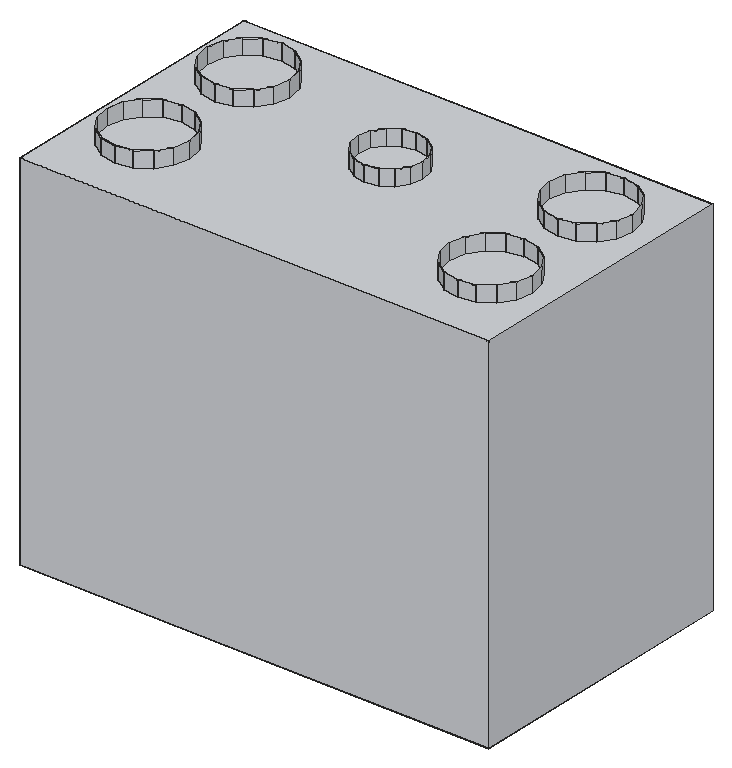
Revit family "Flexit UNI 4 R E EC L 230", category Mechanical Equipment, Revit 2015
Parameters (values of type "Flexit UNI 4 R E EC L 230")
  magiXML = "<Flexit>\r\n  <RevitBlockID>Block1</RevitBlockID>\r\n  <Block id=\"Block1\" view=\"256\" unit_height=\"700\" subtype=\"1001\">\r\n    <prop id=\"QPDClass\">AFA</prop>\r\n    <prop id=\"ProductKey\">Flexit-UNI-4-R-E-EC-L-230</prop>\r\n    <prop id=\"ProductCode\">Flexit UNI 4 R E EC L 230</prop>\r\n    <prop id=\"UnitName\"></prop>\r\n    <prop id=\"Description\" info=\"Unit description\">Flexit UNI 4 R E EC L 230</prop>\r\n    <prop id=\"ProjectFile\" info=\"Flexit project file name\">K2VE.FLX</prop>\r\n    <prop id=\"Weight\" info=\"Weight\" units=\"kg\">86.0</prop>\r\n    <prop id=\"Dimensions\" info=\"Dimensions\" units=\"mm\">900 537 700</prop>\r\n    <prop id=\"SupplyAirFlow\" info=\"Supply air flow\" units=\"m3/h\">100.000</prop>\r\n    <prop id=\"ExtractAirFlow\" info=\"Extract air flow\" units=\"m3/h\">100.000</prop>\r\n    <prop id=\"SupplyPressureDrop\" info=\"Pressure drop: Supply and Outdoor air ductwork\" units=\"Pa\">100</prop>\r\n    <prop id=\"ExtractPressureDrop\" info=\"Pressure drop: Extract and Exhaust air ductwork\" units=\"Pa\">100</prop>\r\n    <prop id=\"SupplySize\" info=\"Unit size Supply\">4</prop>\r\n    <prop id=\"ExtractSize\" info=\"Unit size Extract\">4</prop>\r\n    <prop id=\"SoundTitle\" info=\"Sound data, ambient\"></prop>\r\n    <prop id=\"SoundTitleOctave\" info=\"Frequency band\">63 125 250 500 1k 2k 4k 8k</prop>\r\n    <prop id=\"SoundAmbient\" info=\"Sound data, ambient\" units=\"dB\">15 26 38 27 22 19 11 2</prop>\r\n    <prop id=\"SoundAmbientTotal\" info=\"Sound ambient, total\" units=\"dB(A)\">31</prop>\r\n    <Connection id=\"Connection1\" type=\"duct\" system=\"outdoor\" info=\"Duct connection outdoor\">\r\n      <prop id=\"Dimension\" info=\"Dimensions\" units=\"mm\">160 0 30</prop>\r\n      <prop id=\"Position\">-329 127.500000 365</prop>\r\n      <prop id=\"Direction\">0 0 1</prop>\r\n      <prop id=\"Normal\">-1 0 0</prop>\r\n      <prop id=\"SoundTitle\" info=\"Sound data\"></prop>\r\n      <prop id=\"SoundTitleOctave\" info=\"Frequency band\">63 125 250 500 1k 2k 4k 8k</prop>\r\n      <prop id=\"SoundGeneration\" info=\"Sound generation\" units=\"dB\">59 57 56 55 43 30 19 4</prop>\r\n      <prop id=\"SoundGenerationTotal\" info=\"Sound generation, total\" units=\"dB(A)\">54</prop>\r\n    </Connection>\r\n    <Connection id=\"Connection2\" type=\"duct\" system=\"supply\" info=\"Duct connection supply\">\r\n      <prop id=\"Dimension\" info=\"Dimensions\" units=\"mm\">160 0 30</prop>\r\n      <prop id=\"Position\">329 127.500000 365</prop>\r\n      <prop id=\"Direction\">0 0 1</prop>\r\n      <prop id=\"Normal\">-1 0 0</prop>\r\n      <prop id=\"SoundTitle\" info=\"Sound data\"></prop>\r\n      <prop id=\"SoundTitleOctave\" info=\"Frequency band\">63 125 250 500 1k 2k 4k 8k</prop>\r\n      <prop id=\"SoundGeneration\" info=\"Sound generation\" units=\"dB\">68 67 68 63 57 53 42 28</prop>\r\n      <prop id=\"SoundGenerationTotal\" info=\"Sound generation, total\" units=\"dB(A)\">64</prop>\r\n    </Connection>\r\n    <Connection id=\"Connection3\" type=\"duct\" system=\"extract\" info=\"Duct connection extract\">\r\n      <prop id=\"Dimension\" info=\"Dimensions\" units=\"mm\">160 0 30</prop>\r\n      <prop id=\"Position\">329 -113 365</prop>\r\n      <prop id=\"Direction\">0 0 1</prop>\r\n      <prop id=\"Normal\">-1 0 0</prop>\r\n      <prop id=\"SoundTitle\" info=\"Sound data\"></prop>\r\n      <prop id=\"SoundTitleOctave\" info=\"Frequency band\">63 125 250 500 1k 2k 4k 8k</prop>\r\n      <prop id=\"SoundGeneration\" info=\"Sound generation\" units=\"dB\">59 57 56 55 43 30 19 4</prop>\r\n      <prop id=\"SoundGenerationTotal\" info=\"Sound generation, total\" units=\"dB(A)\">54</prop>\r\n    </Connection>\r\n    <Connection id=\"Connection4\" type=\"duct\" system=\"exhaust\" info=\"Duct connection exhaust\">\r\n      <prop id=\"Dimension\" info=\"Dimensions\" units=\"mm\">160 0 30</prop>\r\n      <prop id=\"Position\">-329 -113 365</prop>\r\n      <prop id=\"Direction\">0 0 1</prop>\r\n      <prop id=\"Normal\">-1 0 0</prop>\r\n      <prop id=\"SoundTitle\" info=\"Sound data\"></prop>\r\n      <prop id=\"SoundTitleOctave\" info=\"Frequency band\">63 125 250 500 1k 2k 4k 8k</prop>\r\n      <prop id=\"SoundGeneration\" info=\"Sound generation\" units=\"dB\">68 67 68 63 57 53 42 28</prop>\r\n      <prop id=\"SoundGenerationTotal\" info=\"Sound generation, total\" units=\"dB(A)\">64</prop>\r\n    </Connection>\r\n    <Connection id=\"Connection5\" type=\"duct\" system=\"outdoor\" info=\"Duct connection outdoor\">\r\n      <prop id=\"Dimension\" info=\"Dimensions\" units=\"mm\">160 0 30</prop>\r\n      <prop id=\"Position\">-332 107.500000 -365</prop>\r\n      <prop id=\"Direction\">0 0 -1</prop>\r\n      <prop id=\"Normal\">1 0 0</prop>\r\n      <prop id=\"SoundTitle\" info=\"Sound data\"></prop>\r\n      <prop id=\"SoundTitleOctave\" info=\"Frequency band\">63 125 250 500 1k 2k 4k 8k</prop>\r\n      <prop id=\"SoundGeneration\" info=\"Sound generation\" units=\"dB\">59 57 56 55 43 30 19 4</prop>\r\n      <prop id=\"SoundGenerationTotal\" info=\"Sound generation, total\" units=\"dB(A)\">54</prop>\r\n    </Connection>\r\n    <Connection id=\"Connection6\" type=\"duct\" system=\"extract\" info=\"Duct connection extract\">\r\n      <prop id=\"Dimension\" info=\"Dimensions\" units=\"mm\">160 0 30</prop>\r\n      <prop id=\"Position\">332 -118 -365</prop>\r\n      <prop id=\"Direction\">0 0 -1</prop>\r\n      <prop id=\"Normal\">1 0 0</prop>\r\n      <prop id=\"SoundTitle\" info=\"Sound data\"></prop>\r\n      <prop id=\"SoundTitleOctave\" info=\"Frequency band\">63 125 250 500 1k 2k 4k 8k</prop>\r\n      <prop id=\"SoundGeneration\" info=\"Sound generation\" units=\"dB\">59 57 56 55 43 30 19 4</prop>\r\n      <prop id=\"SoundGenerationTotal\" info=\"Sound generation, total\" units=\"dB(A)\">54</prop>\r\n    </Connection>\r\n    <Connection id=\"Connection7\" type=\"duct\" system=\"extract\" info=\"Duct connection extract\" kitchen_hood_connection=\"1\">\r\n      <prop id=\"Dimension\" info=\"Dimensions\" units=\"mm\">125 0 30</prop>\r\n      <prop id=\"Position\">0 57.500000 365</prop>\r\n      <prop id=\"Direction\">0 0 1</prop>\r\n      <prop id=\"Normal\">-1 0 0</prop>\r\n      <prop id=\"SoundTitle\" info=\"Sound data\"></prop>\r\n      <prop id=\"SoundTitleOctave\" info=\"Frequency band\">63 125 250 500 1k 2k 4k 8k</prop>\r\n      <prop id=\"SoundGeneration\" info=\"Sound generation\" units=\"dB\">59 57 56 55 43 30 19 4</prop>\r\n      <prop id=\"SoundGenerationTotal\" info=\"Sound generation, total\" units=\"dB(A)\">54</prop>\r\n    </Connection>\r\n    <gm_model nNodes=\"778\">0QcEAAAAAAAAIHxAAAAAAADIcEAAAAAAAOB1QNIHYwAAAAAAACB8wAAAAAAAyHBAAAAAAADgdUDSBwQAAAAAAAAgfMAAAAAAAMhwwAAAAAAA4HVA0wdjAAAAAAAAIHxAAAAAAADIcMAAAAAAAOB1QNEHYwAAAAAAACB8QAAAAAAAyHBAAAAAAADgdcDSBwQAAAAAAAAgfEAAAAAAAMhwwAAAAAAA4HXA0gdjAAAAAAAAIHzAAAAAAADIcMAAAAAAAOB1wNMHBAAAAAAAACB8wAAAAAAAyHBAAAAAAADgdcDRB2MAAAAAAAAgfEAAAAAAAMhwwAAAAAAA4HVA0gcEAAAAAAAAIHzAAAAAAADIcMAAAAAAAOB1QNIHYwAAAAAAACB8wAAAAAAAyHDAAAAAAADgdcDTBwQAAAAAAAAgfEAAAAAAAMhwwAAAAAAA4HXA0QcEAAAAAAAAIHxAAAAAAADIcEAAAAAAAOB1QNIHYwAAAAAAACB8QAAAAAAAyHBAAAAAAADgdcDSBwQAAAAAAAAgfMAAAAAAAMhwQAAAAAAA4HXA0wdjAAAAAAAAIHzAAAAAAADIcEAAAAAAAOB1QNEHBAAAAAAAACB8QAAAAAAAyHBAAAAAAADgdUDSB2MAAAAAAAAgfEAAAAAAAMhwwAAAAAAA4HVA0gcEAAAAAAAAIHxAAAAAAADIcMAAAAAAAOB1wNMHYwAAAAAAACB8QAAAAAAAyHBAAAAAAADgdcDRB2MAAAAAAAAgfMAAAAAAAMhwQAAAAAAA4HVA0gcEAAAAAAAAIHzAAAAAAADIcEAAAAAAAOB1wNIHYwAAAAAAACB8wAAAAAAAyHDAAAAAAADgdcDTBwQAAAAAAAAgfMAAAAAAAMhwwAAAAAAA4HVA6QMEAFyPwvUoIHxAAAAAAADQbcAAAAAAAOB1wOsDAABcj8L1KCB8QAAAAAAA0G3AAAAAAADgdUDpAwQAXI/C9SggfMAAAAAAANBtwAAAAAAA4HXA6wMAAFyPwvUoIHzAAAAAAADQbcAAAAAAAOB1QOkDBAAAAAAAACB8wFyPwvUoyHBAAAAAAADgdcDqAwQAAAAAAAAgfMBcj8L1KMhwQAAAAAAA4HVA6gMEAAAAAAAAIHxAXI/C9SjIcEAAAAAAAOB1QOoDBAAAAAAAACB8QFyPwvUoyHBAAAAAAADgdcDrAwAAAAAAAAAgfMBcj8L1KMhwQAAAAAAA4HXA6QMEAAAAAAAAgFbAXI/C9SjIcEAAAAAAAOB1wOoDBAAAAAAAAIBWwFyPwvUoyHBAAAAAAACAUUDqAwQAAAAAAACAVkBcj8L1KMhwQAA
    AAAAAgFFA6gMEAAAAAAAAgFZAXI/C9SjIcEAAAAAAAOB1wOsDAAAAAAAAAIBWwFyPwvUoyHBAAAAAAADgdcD9AwQAAAAAAAAAAABcj8L1KMhwQAAAAAAAgGHA/gMAAAAAAAAAAAAAAAAAAAAA8L8AAAAAAAAAAP8DAAAAAAAAAABSQAAAAAAAAAAAAAAAAAAAAADpAwQARksyM7J0SUBcj8L1KMhwQF3aZuamRVbA6wMAAEZLMjOydEnAXI/C9SjIcEDSksyMLN1nwOkDBAA0whrNyNIdQFyPwvUoyHBAaUlmRpauZMDrAwAAAPOOGVm6RUBcj8L1KMhwQGlJZkaWrmTA6QMEAADzjhlZukXAXI/C9SjIcEBSGQUAAIBewOsDAAA0whrNyNIdwFyPwvUoyHBAUhkFAACAXsDpAwQARksyM7J0OcBcj8L1KMhwQAAAAAAAgGHA6wMAAEZLMjOydDnAXI/C9SjIcECkMgoAAABawOkDBAAAAAAAAIBWwFyPwvUoyHBAAAAAAACASEDrAwAAAAAAAACAVkBcj8L1KMhwQAAAAAAAgEhA6QMEAAAAAAAAgFbAXI/C9SjIcEAAAAAAAAA8QOsDAAAAAAAAAIBWQFyPwvUoyHBAAAAAAAAAPEDpAwQAAAAAAACAVsBcj8L1KMhwQAAAAAAAABxA6wMAAAAAAAAAgFZAXI/C9SjIcEAAAAAAAAAcQOkDBAAAAAAAAIBWwFyPwvUoyHBAAAAAAAAALMDrAwAAAAAAAACAVkBcj8L1KMhwQAAAAAAAACzA6QMEAAAAAAAAgFbAXI/C9SjIcEAAAAAAAIBBwOsDAAAAAAAAAIBWQFyPwvUoyHBAAAAAAACAQcDpAwQAAAAAAACAVsBcj8L1KMhwQAAAAAAAAEzA6wMAAAAAAAAAgFZAXI/C9SjIcEAAAAAAAABMwOkDBAAAAAAAAIBWwFyPwvUoyHBAAAAAAABAU8DrAwAAWpy8Q61tQcBcj8L1KMhwQAAAAAAAQFPA6QMEAFqcvEOtbUFAXI/C9SjIcEAAAAAAAEBTwOsDAAAAAAAAAIBWQFyPwvUoyHBAAAAAAABAU8DpAwQAAAAAAACAVsBcj8L1KMhwQAAAAAAAgFjA6wMAAHJgF76JPU3AXI/C9SjIcEAAAAAAAIBYwOkDBAByYBe+iT1NQFyPwvUoyHBAAAAAAACAWMDrAwAAAAAAAACAVkBcj8L1KMhwQAAAAAAAgFjA6QMEAAAAAAAAgFbAXI/C9SjIcEAAAAAAAMBdwOsDAAC9RszupDdRwFyPwvUoyHBAAAAAAADAXcDpAwQAvUbM7qQ3UUBcj8L1KMhwQAAAAAAAwF3A6wMAAAAAAAAAgFZAXI/C9SjIcEAAAAAAAMBdwOkDBAAAAAAAAIBWwFyPwvUoyHBAAAAAAACAYcDrAwAAAAAAAAAAUsBcj8L1KMhwQAAAAAAAgGHA6QMEAAAAAAAAAFJAXI/C9SjIcEAAAAAAAIBhwOsDAAAAAAAAAIBWQFyPwvUoyHBAAAAAAACAYcDpAwQAAAAAAACAVsBcj8L1KMhwQAAAAAAAIGTA6wMAAL1GzO6kN1HAXI/C9SjIcEAAAAAAACBkwOkDBAC9RszupDdRQFyPwvUoyHBAAAAAAAAgZMDrAwAAAAAAAACAVkBcj8L1KMhwQAAAAAAAIGTA6QMEAAAAAAAAgFbAXI/C9SjIcEAAAAAAAMBmwOsDAAByYBe+iT1NwFyPwvUoyHBAAAAAAADAZsDpAwQAcmAXvok9TUBcj8L1KMhwQAAAAAAAwGbA6wMAAAAAAAAAgFZAXI/C9SjIcEAAAAAAAMBmwOkDBAAAAAAAAIBWwFyPwvUoyHBAAAAAAABgacDrAwAAWpy8Q61tQcBcj8L1KMhwQAAAAAAAYGnA6QMEAFqcvEOtbUFAXI/C9SjIcEAAAAAAAGBpwOsDAAAAAAAAAIBWQFyPwvUoyHBAAAAAAABgacDpAwQAAAAAAACAVsBcj8L1KMhwQAAAAAAAAGzA6wMAAAAAAAAAgFZAXI/C9SjIcEAAAAAAAABswOkDBAAAAAAAAIBWwFyPwvUoyHBAAAAAAACgbsDrAwAAAAAAAACAVkBcj8L1KMhwQAAAAAAAoG7A6QMEAAAAAAAAgFbAXI/C9SjIcEAAAAAAAKBwwOsDAAAAAAAAAIBWQFyPwvUoyHBAAAAAAACgcMDpAwQAAAAAAACAVsBcj8L1KMhwQAAAAAAA8HHA6wMAAAAAAAAAgFZAXI/C9SjIcEAAAAAAAPBxwOkDBAAAAAAAAIBWwFyPwvUoyHBAAAAAAABAc8DrAwAAAAAAAACAVkBcj8L1KMhwQAAAAAAAQHPA6QMEAAAAAAAAgFbAXI/C9SjIcEAAAAAAAJB0wOsDAAAAAAAAAIBWQFyPwvUoyHBAAAAAAACQdMDpAwQAAAAAAAAAAABcj8L1KMhwQAAAAAAA4HVA6wMAAAAAAAAAAAAAXI/C9SjIcEAAAAAAAIBRQOkDBAAAAAAAACBsQFyPwvUoyHBAAAAAAADgdUDrAwAAAAAAAAAgbEBcj8L1KMhwQAAAAAAAgGHA6QMEAAAAAAAAIGzAXI/C9SjIcEAAAAAAAOB1QOsDAAAAAAAAACBswFyPwvUoyHBAAAAAAACAYcDpAwQAAAAAAAAgbEBcj8L1KMhwQAAAAAAAgGHA6wMAAAAAAAAAgFZAXI/C9SjIcEAAAAAAAIBhwOkDBAAAAAAAACBswFyPwvUoyHBAAAAAAACAYcDrAwAAAAAAAACAVsBcj8L1KMhwQAAAAAAAgGHA6QMEAAAAAAAAgFZAXI/C9SjIcEAAAAAAAOB1wOoDBAAAAAAAAIBWQFyPwvUoyHBAAAAAAACAYcDqAwQAAAAAAACAZkBcj8L1KMhwQAAAAAAAgGHA6gMEAAAAAAAAgGZAXI/C9SjIcEAAAAAAAOB1wOsDAAAAAAAAAIBWQFyPwvUoyHBAAAAAAADgdcDpAwQAAAAAAACAVkBcj8L1KMhwQAAAAAAA4HXA6wMAAAAAAAAAgGZAXI/C9SjIcEAAAAAAAJhywOkDBAAAAAAAAIBWQFyPwvUoyHBAAAAAAACgbsDrAwAAAAAAAACAZkBcj8L1KMhwQAAAAAAAmHLA6QMEAAAAAAAAgFZAXI/C9SjIcEAAAAAAAKBuwOsDAAAAAAAAAIBmQFyPwvUoyHBAAAAAAAAQaMDpAwQAAAAAAACAVkBcj8L1KMhwQAAAAAAAgGHA6wMAAAAAAAAAgGZAXI/C9SjIcEAAAAAAABBowOkDBAAAAAAAAIBmwFyPwvUoyHBAAAAAAACAYcDqAwQAAAAAAACAZsBcj8L1KMhwQAAAAAAAgFFA6gMEAAAAAAAAgFbAXI/C9SjIcEAAAAAAAIBRQOoDBAAAAAAAAIBWwFyPwvUoyHBAAAAAAACAYcDrAwAAAAAAAACAZsBcj8L1KMhwQAAAAAAAgGHA6QMEAAAAAAAAgGbAXI/C9SjIcEAAAAAAAIBhwOsDAAAAAAAAAIBWwFyPwvUoyHBAAAAAAADgVcDpAwQAAAAAAACAZsBcj8L1KMhwQAAAAAAAgEHA6wMAAAAAAAAAgFbAXI/C9SjIcEAAAAAAAOBVwOkDBAAAAAAAAIBmwFyPwvUoyHBAAAAAAACAQcDrAwAAAAAAAACAVsBcj8L1KMhwQAAAAAAAgDFA6QMEAAAAAAAAgGbAXI/C9SjIcEAAAAAAAIBRQOsDAAAAAAAAAIBWwFyPwvUoyHBAAAAAAACAMUDpAwQAAAAAAAAAAABcj8L1KMhwQAAAAAAA4HVA6gMEAAAAAAAAIGxAXI/C9SjIcEAAAAAAAOB1QOoDBAAAAAAAACBsQFyPwvUoyHBAAAAAAABocEDqAwQAAAAAAAAAAABcj8L1KMhwQAAAAAAAaHBA6wMAAAAAAAAAAAAAXI/C9SjIcEAAAAAAAOB1QP0DBAAAAAAAACBcQFyPwvUoyHBAAAAAAAAkc0D+AwAAAAAAAAAAAAAAAAAAAADwvwAAAAAAAAAA/wMAAAAAAAAAaEBAAAAAAAAAAAAAAAAAAAAAAOkDBAAAAAAAACBcQFyPwvUoyHBAAAAAAACCdEDrAwAAAAAAAAAgXEBcj8L1KMhwQAAAAAAAxnFA6QMEAAAAAAAAqFZAXI/C9SjIcEAAAAAAACRzQOsDAAAAAAAAAMxgQFyPwvUoyHBAAAAAAAAkc0DpAwQAAAAAAAAgbEBcj8L1KMhwQAAAAAAA4FVA6gMEAAAAAAAAAAAAXI/C9SjIcEAAAAAAAOBVQOoDBAAAAAAAAAAAAFyPwvUoyHBAAAAAAABocEDqAwQAAAAAAAAgbEBcj8L1KMhwQAAAAAAAaHBA6wMAAAAAAAAAIGxAXI/C9SjIcEAAAAAAAOBVQP0DBAAAAAAAACBcQFyPwvUoyHBAAAAAAADgZUD+AwAAAAAAAAAAAAAAAAAAAADwvwAAAAAAAAAA/wMAAAAAAAAAaFBAAAAAAAAAAAAAAAAAAAAAAOkDBAAAAAAAACBcQFyPwvUoyHBAAAAAAAAUbkDrAwAAJwIw+WLVS0Bcj8L1KMhwQAAAAAAAxmFA6QMEACcCMPli1UtAXI/C9SjIcEAAAAAAAMZhQOsDAAB2/7NBpyplQFyPwvUoyHBAAAAAAADGYUDpAwQAdv+zQacqZUBcj8L1KMhwQAAAAAAAxmFA6wMAAAAAAAAAIFxAXI/C9SjIcEAAAAAAABRuQOkDBAAAAAAAACBswFyPwvUoyHBAAAAAAADgVUDqAwQAAAAAAAAgfMBcj8L1KMhwQAAAAAAA4FVA6gMEAAAAAAAAIHzAXI/C9SjIcEAAAAAAAGhwQOoDBAAAAAAAACBswFyPwvUoyHBAAAAAAABocEDrAwAAAAAAAAAgbMBcj8L1KMhwQAAAAAAA4FVA/QMEAAAAAAAAGHXAXI/C9SjIcEAAAAAAAOBlQP4DAAAAAAAAAAAAAAAAAAAAAPC/AAAAAAAAAAD/AwAAAAAAAABoUEAAAAAAAAAAAAAAAAAAAAAA6QMEAAAAAAAAGHXAXI/C9SjIcEAAAAAAABRuQOsDAAC7/9mgU6V4wFyPwvUoyHBAAAAAAADGYUDpAwQAu//ZoFOleMBcj8L1KMhwQAAAAAAAxmFA6wMAAEUAJl+sinHAXI/C9SjIcEAAAAAAAMZhQOkDBABFACZfrIpxwFyPwvUoyHBAAAAAAADGYUDrAwAAAAAAAAAYdcBcj8L1KMhwQAAAAAAAFG5A6QMEAAAAAAAAIHzAXI/C9SjIcMAAAAAAAOB1wOoDBAAAAAAAACB8wFyPwvUoyHDAAAAAAADgdUDqAwQAAAAAAAAgfEBcj8L1KMhwwAAAAAAA4HVA6gMEAAAAAAAAIHxAXI/C9SjIcMAAAAAAAOB1wOsDAAAAAAAAACB8wFyPwvUoyHDAAAAAAADgdcDpAwQAAAAAAACAVsBcj8L1KMhwwAAAAAAA4HXA6gMEAAAAAAAAgFbAXI/C9SjIcMAAAAAAAIBRQOoDBAAAAAAAAIBWQFyPwvUoyHDAAAAAAACAUUDqAwQAAAAAAACAVkBcj8L1KMhwwAAAAAAA4HXA6wMAAAAAAAAAgFbAXI/C9SjIcMAAAAAAAOB1wP0DBAAAAAAAAAAAAFyPwvUoyHDAAAAAAACAYcD+AwAAAAAAAAAAAAAAAAAAAADwvwAAAAAAAAAA/wMAAAAAAAAAAFJAAAAAAAAAAAAAAAAAAAAAAOkDBABGSzIzsnRJQFyPwvUoyHDAXdpm5qZFVsDrAwAARksyM7J0ScBcj8L1KMhwwNKSzIws3WfA6QMEADTCGs3I0h1AXI/C9SjIcMBpSWZGlq5kwOsDAAAA844ZWbpFQFyPwvUoyHDAaUlmRpauZMDpAwQAAPOOGVm6RcBcj8L1KMhwwFIZBQAAgF7A6wMAADTCGs3I0h3AXI/C9SjIcMBSGQUAAIBewOkDBABGSzIzsnQ5wFyPwvUoyHDAAAAAAACAYcDrAwAARksyM7J0OcBcj8L1KMhwwKQyCgAAAFrA6QMEAAAAAAAAgFbAXI/C9SjIcMAAAAAAAIBIQOsDAAAAAAAAAIBWQFyPwvUoyHDAAAAAAACASEDpAwQAAAAAAACAVsBcj8L1KMhwwAAAAAAAADxA6wMAAAAAAAAAgFZAXI/C9SjIcMAAAAAAAAA8QOkDBAAAAAAAAIBWwFyPwvUoyHDAAAAAAAAAHEDrAwAAAAAAAACAVkBcj8L1KMhwwAAAAAAAABxA6QMEAAAAAAAAgFbAXI/C9SjIcMAAAAAAAAAswOsDAAAAAAAAAIBWQFyPwvUoyHDAAAAAAAAALMDpAwQAAAAAAACAVsBcj8L1KMhwwAAAAAAAgEHA6wMAAAAAAAAAgFZAXI/C9SjIcMAAAAAAAIBBwOkDBAAAAAAAAIBWwFyPwvUoyHDAAAAAAAAATMDrAwAAAAAAAACAVkBcj8L1KMhwwAAAAAAAAEzA6QMEAAAAAAAAgFbAXI/C9SjIcMAAAAAAAEBTwOsDAABanLxDrW1BwFyPwvUoyHDAAAAAAABAU8DpAwQAWpy8Q61tQUBcj8L1KMhwwAAAAAAAQFPA6wMAAAAAAAAAgFZAXI/C9SjIcMAAAAAAAEBTwOkDBAAAAAAAAIBWwFyPwvUoyHDAAAAAAACAWMDrAwAAcmAXvok9TcBcj8L1KMhwwAAAAAAAgFjA6QMEAHJgF76JPU1AXI/C9SjIcMAAAAAAAIBYwOsDAAAAAAAAAIBWQFyPwvUoyHDAAAAAAACAWMDpAwQAAAAAAACAVsBcj8L1KMhwwAAAAAAAwF3A6wMAAL1GzO6kN1HAXI/C9SjIcMAAAAAAAMBdwOkDBAC9RszupDdRQFyPwvUoyHDAAAAAAADAXcDrAwAAAAAAAACAVkBcj8L1KMhwwAAAAAAAwF3A6QMEAAAAAAAAgFbAXI/C9SjIcMAAAAAAAIBhwOsDAAAAAAAAAABSwFyPwvUoyHDAAAAAAACAYcDpAwQAAAAAAAAAUkBcj8L1KMhwwAAAAAAAgGHA6wMAAAAAAAAAgFZAXI/C9SjIcMAAAAAAAIBhwOkDBAAAAAAAAIBWwFyPwvUoyHDAAAAAAAAgZMDrAwAAvUbM7qQ3UcBcj8L1KMhwwAAAAAAAIGTA6QMEAL1GzO6kN1FAXI/C9SjIcMAAAAAAACBkwOsDAAAAAAAAAIBWQFyPwvUoyHDAAAAAAAAgZMDpAwQAAAAAAACAVsBcj8L1KMhwwAAAAAAAwGbA6wMAAHJgF76JPU3AXI/C9SjIcMAAAAAAAMBmwOkDBAByYBe+iT1NQFyPwvUoyHDAAAAAAADAZsDrAwAAAAAAAACAVkBcj8L1KMhwwAAAAAAAwGbA6QMEAAAAAAAAgFbAXI/C9SjIcMAAAAAAAGBpwOsDAABanLxDrW1BwFyPwvUoyHDAAAAAAABgacDpAwQAWpy8Q61tQUBcj8L1KMhwwAAAAAAAYGnA6wMAAAAAAAAAgFZAXI/C9SjIcMAAAAAAAGBpwOkDBAAAAAAAAIBWwFyPwvUoyHDAAAAAAAAAbMDrAwAAAAAAAACAVkBcj8L1KMhwwAAAAAAAAGzA6QMEAAAAAAAAgFbAXI/C9SjIcMAAAAAAAKBuwOsDAAAAAAAAAIBWQFyPwvUoyHDAAAAAAACgbsDpAwQAAAAAAACAVsBcj8L1KMhwwAAAAAAAoHDA6wMAAAAAAAAAgFZAXI/C9SjIcMAAAAAAAKBwwOkDBAAAAAAAAIBWwFyPwvUoyHDAAAAAAADwccDrAwAAAAAAAACAVkBcj8L1KMhwwAAAAAAA8HHA6QMEAAAAAAAAgFbAXI/C9SjIcMAAAAAAAEBzwOsDAAAAAAAAAIBWQFyPwvUoyHDAAAAAAABAc8DpAwQAAAAAAACAVsBcj8L1KMhwwAAAAAAAkHTA6wMAAAAAAAAAgFZAXI/C9SjIcMAAAAAAAJB0wOk
    DBAAAAAAAAAAAAFyPwvUoyHDAAAAAAADgdUDrAwAAAAAAAAAAAABcj8L1KMhwwAAAAAAAgFFA6QMEAAAAAAAAIGxAXI/C9SjIcMAAAAAAAOB1QOsDAAAAAAAAACBsQFyPwvUoyHDAAAAAAACAYcDpAwQAAAAAAAAgbMBcj8L1KMhwwAAAAAAA4HVA6wMAAAAAAAAAIGzAXI/C9SjIcMAAAAAAAIBhwOkDBAAAAAAAACBsQFyPwvUoyHDAAAAAAACAYcDrAwAAAAAAAACAVkBcj8L1KMhwwAAAAAAAgGHA6QMEAAAAAAAAIGzAXI/C9SjIcMAAAAAAAIBhwOsDAAAAAAAAAIBWwFyPwvUoyHDAAAAAAACAYcDpAwQAAAAAAACAVkBcj8L1KMhwwAAAAAAA4HXA6gMEAAAAAAAAgFZAXI/C9SjIcMAAAAAAAIBhwOoDBAAAAAAAAIBmQFyPwvUoyHDAAAAAAACAYcDqAwQAAAAAAACAZkBcj8L1KMhwwAAAAAAA4HXA6wMAAAAAAAAAgFZAXI/C9SjIcMAAAAAAAOB1wOkDBAAAAAAAAIBWQFyPwvUoyHDAAAAAAADgdcDrAwAAAAAAAACAZkBcj8L1KMhwwAAAAAAAmHLA6QMEAAAAAAAAgFZAXI/C9SjIcMAAAAAAAKBuwOsDAAAAAAAAAIBmQFyPwvUoyHDAAAAAAACYcsDpAwQAAAAAAACAVkBcj8L1KMhwwAAAAAAAoG7A6wMAAAAAAAAAgGZAXI/C9SjIcMAAAAAAABBowOkDBAAAAAAAAIBWQFyPwvUoyHDAAAAAAACAYcDrAwAAAAAAAACAZkBcj8L1KMhwwAAAAAAAEGjA6QMEAAAAAAAAgGbAXI/C9SjIcMAAAAAAAIBhwOoDBAAAAAAAAIBmwFyPwvUoyHDAAAAAAACAUUDqAwQAAAAAAACAVsBcj8L1KMhwwAAAAAAAgFFA6gMEAAAAAAAAgFbAXI/C9SjIcMAAAAAAAIBhwOsDAAAAAAAAAIBmwFyPwvUoyHDAAAAAAACAYcDpAwQAAAAAAACAZsBcj8L1KMhwwAAAAAAAgGHA6wMAAAAAAAAAgFbAXI/C9SjIcMAAAAAAAOBVwOkDBAAAAAAAAIBmwFyPwvUoyHDAAAAAAACAQcDrAwAAAAAAAACAVsBcj8L1KMhwwAAAAAAA4FXA6QMEAAAAAAAAgGbAXI/C9SjIcMAAAAAAAIBBwOsDAAAAAAAAAIBWwFyPwvUoyHDAAAAAAACAMUDpAwQAAAAAAACAZsBcj8L1KMhwwAAAAAAAgFFA6wMAAAAAAAAAgFbAXI/C9SjIcMAAAAAAAIAxQOkDBAAAAAAAAAAAAFyPwvUoyHDAAAAAAADgdUDqAwQAAAAAAAAgbEBcj8L1KMhwwAAAAAAA4HVA6gMEAAAAAAAAIGxAXI/C9SjIcMAAAAAAAGhwQOoDBAAAAAAAAAAAAFyPwvUoyHDAAAAAAABocEDrAwAAAAAAAAAAAABcj8L1KMhwwAAAAAAA4HVA/QMEAAAAAAAAIFxAXI/C9SjIcMAAAAAAACRzQP4DAAAAAAAAAAAAAAAAAAAAAPC/AAAAAAAAAAD/AwAAAAAAAABoQEAAAAAAAAAAAAAAAAAAAAAA6QMEAAAAAAAAIFxAXI/C9SjIcMAAAAAAAIJ0QOsDAAAAAAAAACBcQFyPwvUoyHDAAAAAAADGcUDpAwQAAAAAAACoVkBcj8L1KMhwwAAAAAAAJHNA6wMAAAAAAAAAzGBAXI/C9SjIcMAAAAAAACRzQOkDBAAAAAAAACBsQFyPwvUoyHDAAAAAAADgVUDqAwQAAAAAAAAAAABcj8L1KMhwwAAAAAAA4FVA6gMEAAAAAAAAAAAAXI/C9SjIcMAAAAAAAGhwQOoDBAAAAAAAACBsQFyPwvUoyHDAAAAAAABocEDrAwAAAAAAAAAgbEBcj8L1KMhwwAAAAAAA4FVA/QMEAAAAAAAAIFxAXI/C9SjIcMAAAAAAAOBlQP4DAAAAAAAAAAAAAAAAAAAAAPC/AAAAAAAAAAD/AwAAAAAAAABoUEAAAAAAAAAAAAAAAAAAAAAA6QMEAAAAAAAAIFxAXI/C9SjIcMAAAAAAABRuQOsDAAAnAjD5YtVLQFyPwvUoyHDAAAAAAADGYUDpAwQAJwIw+WLVS0Bcj8L1KMhwwAAAAAAAxmFA6wMAAHb/s0GnKmVAXI/C9SjIcMAAAAAAAMZhQOkDBAB2/7NBpyplQFyPwvUoyHDAAAAAAADGYUDrAwAAAAAAAAAgXEBcj8L1KMhwwAAAAAAAFG5A6QMEAAAAAAAAIGzAXI/C9SjIcMAAAAAAAOBVQOoDBAAAAAAAACB8wFyPwvUoyHDAAAAAAADgVUDqAwQAAAAAAAAgfMBcj8L1KMhwwAAAAAAAaHBA6gMEAAAAAAAAIGzAXI/C9SjIcMAAAAAAAGhwQOsDAAAAAAAAACBswFyPwvUoyHDAAAAAAADgVUD9AwQAAAAAAAAYdcBcj8L1KMhwwAAAAAAA4GVA/gMAAAAAAAAAAAAAAAAAAAAA8L8AAAAAAAAAAP8DAAAAAAAAAGhQQAAAAAAAAAAAAAAAAAAAAADpAwQAAAAAAAAYdcBcj8L1KMhwwAAAAAAAFG5A6wMAALv/2aBTpXjAXI/C9SjIcMAAAAAAAMZhQOkDBAC7/9mgU6V4wFyPwvUoyHDAAAAAAADGYUDrAwAARQAmX6yKccBcj8L1KMhwwAAAAAAAxmFA6QMEAEUAJl+sinHAXI/C9SjIcMAAAAAAAMZhQOsDAAAAAAAAABh1wFyPwvUoyHDAAAAAAAAUbkDpAwQAAAAAAAAgfMAAAAAAANBtwFyPwvUo4HVA6wMAAAAAAAAAIHxAAAAAAADQbcBcj8L1KOB1QOkDBAAAAAAAACB8wAAAAAAA0G3AXI/C9SjgdcDrAwAAAAAAAAAgfEAAAAAAANBtwFyPwvUo4HXA0QcHAAAAAAAAkHnAAAAAAADgX0AAAAAAAOB1QNIHYAAm5l/YkC55wNhq6SupOFhAAAAAAADgdUDSBwcAJuZf2JAuecDYaukrqThYQAAAAAAAwHdA0wdgAAAAAAAAkHnAAAAAAADgX0AAAAAAAMB3QNEHBwAm5l/YkC55wNhq6SupOFhAAAAAAADgdUDSB2AAFeEDwBgZeMCre/D/nLtRQAAAAAAA4HVA0gcHABXhA8AYGXjAq3vw/5y7UUAAAAAAAMB3QNMHYAAm5l/YkC55wNhq6SupOFhAAAAAAADAd0DRBwcAFeEDwBgZeMCre/D/nLtRQAAAAAAA4HVA0gdgAEqlBbXVeXbA1M4APXnLSkAAAAAAAOB1QNIHBwBKpQW11Xl2wNTOAD15y0pAAAAAAADAd0DTB2AAFeEDwBgZeMCre/D/nLtRQAAAAAAAwHdA0QcHAEqlBbXVeXbA1M4APXnLSkAAAAAAAOB1QNIHYAAAAAAAAJB0wAAAAAAAwEdAAAAAAADgdUDSBwcAAAAAAACQdMAAAAAAAMBHQAAAAAAAwHdA0wdgAEqlBbXVeXbA1M4APXnLSkAAAAAAAMB3QNEHBwAAAAAAAJB0wAAAAAAAwEdAAAAAAADgdUDSB2AAtlr6SiqmcsDUzgA9ectKQAAAAAAA4HVA0gcHALZa+koqpnLA1M4APXnLSkAAAAAAAMB3QNMHYAAAAAAAAJB0wAAAAAAAwEdAAAAAAADAd0DRBwcAtlr6SiqmcsDUzgA9ectKQAAAAAAA4HVA0gdgAOse/D/nBnHAq3vw/5y7UUAAAAAAAOB1QNIHBwDrHvw/5wZxwKt78P+cu1FAAAAAAADAd0DTB2AAtlr6SiqmcsDUzgA9ectKQAAAAAAAwHdA0QcHAOse/D/nBnHAq3vw/5y7UUAAAAAAAOB1QNIHYAC2M0BP3uJvwNhq6SupOFhAAAAAAADgdUDSBwcAtjNAT97ib8DYaukrqThYQAAAAAAAwHdA0wdgAOse/D/nBnHAq3vw/5y7UUAAAAAAAMB3QNEHBwC2M0BP3uJvwNhq6SupOFhAAAAAAADgdUDSB2AAAAAAAAAgb8AAAAAAAOBfQAAAAAAA4HVA0gcHAAAAAAAAIG/AAAAAAADgX0AAAAAAAMB3QNMHYAC2M0BP3uJvwNhq6SupOFhAAAAAAADAd0DRBwcAAAAAAAAgb8AAAAAAAOBfQAAAAAAA4HVA0gdgALYzQE/e4m/AlEoLaqvDY0AAAAAAAOB1QNIHBwC2M0BP3uJvwJRKC2qrw2NAAAAAAADAd0DTB2AAAAAAAAAgb8AAAAAAAOBfQAAAAAAAwHdA0QcHALYzQE/e4m/AlEoLaqvDY0AAAAAAAOB1QNIHYADrHvw/5wZxwCrCB4AxAmdAAAAAAADgdUDSBwcA6x78P+cGccAqwgeAMQJnQAAAAAAAwHdA0wdgALYzQE/e4m/AlEoLaqvDY0AAAAAAAMB3QNEHBwDrHvw/5wZxwCrCB4AxAmdAAAAAAADgdUDSB2AAtlr6SiqmcsBLzL+wIS1pQAAAAAAA4HVA0gcHALZa+koqpnLAS8y/sCEtaUAAAAAAAMB3QNMHYADrHvw/5wZxwCrCB4AxAmdAAAAAAADAd0DRBwcAtlr6SiqmcsBLzL+wIS1pQAAAAAAA4HVA0gdgAAAAAAAAkHTAAAAAAADwaUAAAAAAAOB1QNIHBwAAAAAAAJB0wAAAAAAA8GlAAAAAAADAd0DTB2AAtlr6SiqmcsBLzL+wIS1pQAAAAAAAwHdA0QcHAAAAAAAAkHTAAAAAAADwaUAAAAAAAOB1QNIHYABKpQW11Xl2wEvMv7AhLWlAAAAAAADgdUDSBwcASqUFtdV5dsBLzL+wIS1pQAAAAAAAwHdA0wdgAAAAAAAAkHTAAAAAAADwaUAAAAAAAMB3QNEHBwBKpQW11Xl2wEvMv7AhLWlAAAAAAADgdUDSB2AAFeEDwBgZeMAqwgeAMQJnQAAAAAAA4HVA0gcHABXhA8AYGXjAKsIHgDECZ0AAAAAAAMB3QNMHYABKpQW11Xl2wEvMv7AhLWlAAAAAAADAd0DRBwcAFeEDwBgZeMAqwgeAMQJnQAAAAAAA4HVA0gdgACbmX9iQLnnAlEoLaqvDY0AAAAAAAOB1QNIHBwAm5l/YkC55wJRKC2qrw2NAAAAAAADAd0DTB2AAFeEDwBgZeMAqwgeAMQJnQAAAAAAAwHdA0QcHACbmX9iQLnnAlEoLaqvDY0AAAAAAAOB1QNIHYAAAAAAAAJB5wAAAAAAA4F9AAAAAAADgdUDSBwcAAAAAAACQecAAAAAAAOBfQAAAAAAAwHdA0wdgACbmX9iQLnnAlEoLaqvDY0AAAAAAAMB3QNEHCAAAAAAAACBvQAAAAAAA4F9AAAAAAADgdUDSB2AAtTNAT97ib0DYaukrqThYQAAAAAAA4HVA0gcIALUzQE/e4m9A2GrpK6k4WEAAAAAAAMB3QNMHYAAAAAAAACBvQAAAAAAA4F9AAAAAAADAd0DRBwgAtTNAT97ib0DYaukrqThYQAAAAAAA4HVA0gdgAOse/D/nBnFAq3vw/5y7UUAAAAAAAOB1QNIHCADrHvw/5wZxQKt78P+cu1FAAAAAAADAd0DTB2AAtTNAT97ib0DYaukrqThYQAAAAAAAwHdA0QcIAOse/D/nBnFAq3vw/5y7UUAAAAAAAOB1QNIHYAC2WvpKKqZyQNTOAD15y0pAAAAAAADgdUDSBwgAtlr6SiqmckDUzgA9ectKQAAAAAAAwHdA0wdgAOse/D/nBnFAq3vw/5y7UUAAAAAAAMB3QNEHCAC2WvpKKqZyQNTOAD15y0pAAAAAAADgdUDSB2AAAAAAAACQdEAAAAAAAMBHQAAAAAAA4HVA0gcIAAAAAAAAkHRAAAAAAADAR0AAAAAAAMB3QNMHYAC2WvpKKqZyQNTOAD15y0pAAAAAAADAd0DRBwgAAAAAAACQdEAAAAAAAMBHQAAAAAAA4HVA0gdgAEqlBbXVeXZA1M4APXnLSkAAAAAAAOB1QNIHCABKpQW11Xl2QNTOAD15y0pAAAAAAADAd0DTB2AAAAAAAACQdEAAAAAAAMBHQAAAAAAAwHdA0QcIAEqlBbXVeXZA1M4APXnLSkAAAAAAAOB1QNIHYAAV4QPAGBl4QKt78P+cu1FAAAAAAADgdUDSBwgAFeEDwBgZeECre/D/nLtRQAAAAAAAwHdA0wdgAEqlBbXVeXZA1M4APXnLSkAAAAAAAMB3QNEHCAAV4QPAGBl4QKt78P+cu1FAAAAAAADgdUDSB2AAJuZf2JAueUDYaukrqThYQAAAAAAA4HVA0gcIACbmX9iQLnlA2GrpK6k4WEAAAAAAAMB3QNMHYAAV4QPAGBl4QKt78P+cu1FAAAAAAADAd0DRBwgAJuZf2JAueUDYaukrqThYQAAAAAAA4HVA0gdgAAAAAAAAkHlAAAAAAADgX0AAAAAAAOB1QNIHCAAAAAAAAJB5QAAAAAAA4F9AAAAAAADAd0DTB2AAJuZf2JAueUDYaukrqThYQAAAAAAAwHdA0QcIAAAAAAAAkHlAAAAAAADgX0AAAAAAAOB1QNIHYAAm5l/YkC55QJRKC2qrw2NAAAAAAADgdUDSBwgAJuZf2JAueUCUSgtqq8NjQAAAAAAAwHdA0wdgAAAAAAAAkHlAAAAAAADgX0AAAAAAAMB3QNEHCAAm5l/YkC55QJRKC2qrw2NAAAAAAADgdUDSB2AAFeEDwBgZeEAqwgeAMQJnQAAAAAAA4HVA0gcIABXhA8AYGXhAKsIHgDECZ0AAAAAAAMB3QNMHYAAm5l/YkC55QJRKC2qrw2NAAAAAAADAd0DRBwgAFeEDwBgZeEAqwgeAMQJnQAAAAAAA4HVA0gdgAEqlBbXVeXZAS8y/sCEtaUAAAAAAAOB1QNIHCABKpQW11Xl2QEvMv7AhLWlAAAAAAADAd0DTB2AAFeEDwBgZeEAqwgeAMQJnQAAAAAAAwHdA0QcIAEqlBbXVeXZAS8y/sCEtaUAAAAAAAOB1QNIHYAAAAAAAAJB0QAAAAAAA8GlAAAAAAADgdUDSBwgAAAAAAACQdEAAAAAAAPBpQAAAAAAAwHdA0wdgAEqlBbXVeXZAS8y/sCEtaUAAAAAAAMB3QNEHCAAAAAAAAJB0QAAAAAAA8GlAAAAAAADgdUDSB2AAtlr6SiqmckBLzL+wIS1pQAAAAAAA4HVA0gcIALZa+koqpnJAS8y/sCEtaUAAAAAAAMB3QNMHYAAAAAAAAJB0QAAAAAAA8GlAAAAAAADAd0DRBwgAtlr6SiqmckBLzL+wIS1pQAAAAAAA4HVA0gdgAOse/D/nBnFAKsIHgDECZ0AAAAAAAOB1QNIHCADrHvw/5wZxQCrCB4AxAmdAAAAAAADAd0DTB2AAtlr6SiqmckBLzL+wIS1pQAAAAAAAwHdA0QcIAOse/D/nBnFAKsIHgDECZ0AAAAAAAOB1QNIHYAC1M0BP3uJvQJRKC2qrw2NAAAAAAADgdUDSBwgAtTNAT97ib0CUSgtqq8NjQAAAAAAAwHdA0wdgAOse/D/nBnFAKsIHgDECZ0AAAAAAAMB3QNEHCAC1M0BP3uJvQJRKC2qrw2NAAAAAAADgdUDSB2AAAAAAAAAgb0AAAAAAAOBfQAAAAAAA4HVA0gcIAAAAAAAAIG9AAAAAAADgX0AAAAAAAMB3QNMHYAC1M0BP3uJvQJRKC2qrw2NAAAAAAADAd0DRBwkAAAAAAAAgb0AAAAAAACBcwAAAAAAA4HVA0gdgALUzQE/e4m9AlEoLaqvjYcAAAAAAAOB1QNIHCQC1M0BP3uJvQJRKC2qr42HAAAAAAADAd0DTB2AAAAAAAAAgb0AAAAAAACBcwAAAAAAAwHdA0QcJALUzQE/e4m9AlEoLaqvjYcAAAAAAAOB1QNIHYADrHvw/5wZxQCrCB4AxImXAAAAAAADgdUDSBwkA6x78P+c
    GcUAqwgeAMSJlwAAAAAAAwHdA0wdgALUzQE/e4m9AlEoLaqvjYcAAAAAAAMB3QNEHCQDrHvw/5wZxQCrCB4AxImXAAAAAAADgdUDSB2AAtlr6SiqmckBLzL+wIU1nwAAAAAAA4HVA0gcJALZa+koqpnJAS8y/sCFNZ8AAAAAAAMB3QNMHYADrHvw/5wZxQCrCB4AxImXAAAAAAADAd0DRBwkAtlr6SiqmckBLzL+wIU1nwAAAAAAA4HVA0gdgAAAAAAAAkHRAAAAAAAAQaMAAAAAAAOB1QNIHCQAAAAAAAJB0QAAAAAAAEGjAAAAAAADAd0DTB2AAtlr6SiqmckBLzL+wIU1nwAAAAAAAwHdA0QcJAAAAAAAAkHRAAAAAAAAQaMAAAAAAAOB1QNIHYABKpQW11Xl2QEvMv7AhTWfAAAAAAADgdUDSBwkASqUFtdV5dkBLzL+wIU1nwAAAAAAAwHdA0wdgAAAAAAAAkHRAAAAAAAAQaMAAAAAAAMB3QNEHCQBKpQW11Xl2QEvMv7AhTWfAAAAAAADgdUDSB2AAFeEDwBgZeEAqwgeAMSJlwAAAAAAA4HVA0gcJABXhA8AYGXhAKsIHgDEiZcAAAAAAAMB3QNMHYABKpQW11Xl2QEvMv7AhTWfAAAAAAADAd0DRBwkAFeEDwBgZeEAqwgeAMSJlwAAAAAAA4HVA0gdgACbmX9iQLnlAlEoLaqvjYcAAAAAAAOB1QNIHCQAm5l/YkC55QJRKC2qr42HAAAAAAADAd0DTB2AAFeEDwBgZeEAqwgeAMSJlwAAAAAAAwHdA0QcJACbmX9iQLnlAlEoLaqvjYcAAAAAAAOB1QNIHYAAAAAAAAJB5QAAAAAAAIFzAAAAAAADgdUDSBwkAAAAAAACQeUAAAAAAACBcwAAAAAAAwHdA0wdgACbmX9iQLnlAlEoLaqvjYcAAAAAAAMB3QNEHCQAAAAAAAJB5QAAAAAAAIFzAAAAAAADgdUDSB2AAJuZf2JAueUDXaukrqXhUwAAAAAAA4HVA0gcJACbmX9iQLnlA12rpK6l4VMAAAAAAAMB3QNMHYAAAAAAAAJB5QAAAAAAAIFzAAAAAAADAd0DRBwkAJuZf2JAueUDXaukrqXhUwAAAAAAA4HVA0gdgABXhA8AYGXhAVvfg/zn3S8AAAAAAAOB1QNIHCQAV4QPAGBl4QFb34P8590vAAAAAAADAd0DTB2AAJuZf2JAueUDXaukrqXhUwAAAAAAAwHdA0QcJABXhA8AYGXhAVvfg/zn3S8AAAAAAAOB1QNIHYABKpQW11Xl2QNTOAD15S0PAAAAAAADgdUDSBwkASqUFtdV5dkDUzgA9eUtDwAAAAAAAwHdA0wdgABXhA8AYGXhAVvfg/zn3S8AAAAAAAMB3QNEHCQBKpQW11Xl2QNTOAD15S0PAAAAAAADgdUDSB2AAAAAAAACQdEAAAAAAAEBAwAAAAAAA4HVA0gcJAAAAAAAAkHRAAAAAAABAQMAAAAAAAMB3QNMHYABKpQW11Xl2QNTOAD15S0PAAAAAAADAd0DRBwkAAAAAAACQdEAAAAAAAEBAwAAAAAAA4HVA0gdgALZa+koqpnJA1M4APXlLQ8AAAAAAAOB1QNIHCQC2WvpKKqZyQNTOAD15S0PAAAAAAADAd0DTB2AAAAAAAACQdEAAAAAAAEBAwAAAAAAAwHdA0QcJALZa+koqpnJA1M4APXlLQ8AAAAAAAOB1QNIHYADrHvw/5wZxQFb34P8590vAAAAAAADgdUDSBwkA6x78P+cGcUBW9+D/OfdLwAAAAAAAwHdA0wdgALZa+koqpnJA1M4APXlLQ8AAAAAAAMB3QNEHCQDrHvw/5wZxQFb34P8590vAAAAAAADgdUDSB2AAtTNAT97ib0DXaukrqXhUwAAAAAAA4HVA0gcJALUzQE/e4m9A12rpK6l4VMAAAAAAAMB3QNMHYADrHvw/5wZxQFb34P8590vAAAAAAADAd0DRBwkAtTNAT97ib0DXaukrqXhUwAAAAAAA4HVA0gdgAAAAAAAAIG9AAAAAAAAgXMAAAAAAAOB1QNIHCQAAAAAAACBvQAAAAAAAIFzAAAAAAADAd0DTB2AAtTNAT97ib0DXaukrqXhUwAAAAAAAwHdA0QcKAAAAAAAAkHnAAAAAAAAgXMAAAAAAAOB1QNIHYAAm5l/YkC55wJRKC2qr42HAAAAAAADgdUDSBwoAJuZf2JAuecCUSgtqq+NhwAAAAAAAwHdA0wdgAAAAAAAAkHnAAAAAAAAgXMAAAAAAAMB3QNEHCgAm5l/YkC55wJRKC2qr42HAAAAAAADgdUDSB2AAFeEDwBgZeMAqwgeAMSJlwAAAAAAA4HVA0gcKABXhA8AYGXjAKsIHgDEiZcAAAAAAAMB3QNMHYAAm5l/YkC55wJRKC2qr42HAAAAAAADAd0DRBwoAFeEDwBgZeMAqwgeAMSJlwAAAAAAA4HVA0gdgAEqlBbXVeXbAS8y/sCFNZ8AAAAAAAOB1QNIHCgBKpQW11Xl2wEvMv7AhTWfAAAAAAADAd0DTB2AAFeEDwBgZeMAqwgeAMSJlwAAAAAAAwHdA0QcKAEqlBbXVeXbAS8y/sCFNZ8AAAAAAAOB1QNIHYAAAAAAAAJB0wAAAAAAAEGjAAAAAAADgdUDSBwoAAAAAAACQdMAAAAAAABBowAAAAAAAwHdA0wdgAEqlBbXVeXbAS8y/sCFNZ8AAAAAAAMB3QNEHCgAAAAAAAJB0wAAAAAAAEGjAAAAAAADgdUDSB2AAtlr6SiqmcsBLzL+wIU1nwAAAAAAA4HVA0gcKALZa+koqpnLAS8y/sCFNZ8AAAAAAAMB3QNMHYAAAAAAAAJB0wAAAAAAAEGjAAAAAAADAd0DRBwoAtlr6SiqmcsBLzL+wIU1nwAAAAAAA4HVA0gdgAOse/D/nBnHAKsIHgDEiZcAAAAAAAOB1QNIHCgDrHvw/5wZxwCrCB4AxImXAAAAAAADAd0DTB2AAtlr6SiqmcsBLzL+wIU1nwAAAAAAAwHdA0QcKAOse/D/nBnHAKsIHgDEiZcAAAAAAAOB1QNIHYAC2M0BP3uJvwJRKC2qr42HAAAAAAADgdUDSBwoAtjNAT97ib8CUSgtqq+NhwAAAAAAAwHdA0wdgAOse/D/nBnHAKsIHgDEiZcAAAAAAAMB3QNEHCgC2M0BP3uJvwJRKC2qr42HAAAAAAADgdUDSB2AAAAAAAAAgb8AAAAAAACBcwAAAAAAA4HVA0gcKAAAAAAAAIG/AAAAAAAAgXMAAAAAAAMB3QNMHYAC2M0BP3uJvwJRKC2qr42HAAAAAAADAd0DRBwoAAAAAAAAgb8AAAAAAACBcwAAAAAAA4HVA0gdgALYzQE/e4m/A12rpK6l4VMAAAAAAAOB1QNIHCgC2M0BP3uJvwNdq6SupeFTAAAAAAADAd0DTB2AAAAAAAAAgb8AAAAAAACBcwAAAAAAAwHdA0QcKALYzQE/e4m/A12rpK6l4VMAAAAAAAOB1QNIHYADrHvw/5wZxwFb34P8590vAAAAAAADgdUDSBwoA6x78P+cGccBW9+D/OfdLwAAAAAAAwHdA0wdgALYzQE/e4m/A12rpK6l4VMAAAAAAAMB3QNEHCgDrHvw/5wZxwFb34P8590vAAAAAAADgdUDSB2AAtlr6SiqmcsDUzgA9eUtDwAAAAAAA4HVA0gcKALZa+koqpnLA1M4APXlLQ8AAAAAAAMB3QNMHYADrHvw/5wZxwFb34P8590vAAAAAAADAd0DRBwoAtlr6SiqmcsDUzgA9eUtDwAAAAAAA4HVA0gdgAAAAAAAAkHTAAAAAAABAQMAAAAAAAOB1QNIHCgAAAAAAAJB0wAAAAAAAQEDAAAAAAADAd0DTB2AAtlr6SiqmcsDUzgA9eUtDwAAAAAAAwHdA0QcKAAAAAAAAkHTAAAAAAABAQMAAAAAAAOB1QNIHYABKpQW11Xl2wNTOAD15S0PAAAAAAADgdUDSBwoASqUFtdV5dsDUzgA9eUtDwAAAAAAAwHdA0wdgAAAAAAAAkHTAAAAAAABAQMAAAAAAAMB3QNEHCgBKpQW11Xl2wNTOAD15S0PAAAAAAADgdUDSB2AAFeEDwBgZeMBW9+D/OfdLwAAAAAAA4HVA0gcKABXhA8AYGXjAVvfg/zn3S8AAAAAAAMB3QNMHYABKpQW11Xl2wNTOAD15S0PAAAAAAADAd0DRBwoAFeEDwBgZeMBW9+D/OfdLwAAAAAAA4HVA0gdgACbmX9iQLnnA12rpK6l4VMAAAAAAAOB1QNIHCgAm5l/YkC55wNdq6SupeFTAAAAAAADAd0DTB2AAFeEDwBgZeMBW9+D/OfdLwAAAAAAAwHdA0QcKACbmX9iQLnnA12rpK6l4VMAAAAAAAOB1QNIHYAAAAAAAAJB5wAAAAAAAIFzAAAAAAADgdUDSBwoAAAAAAACQecAAAAAAACBcwAAAAAAAwHdA0wdgACbmX9iQLnnA12rpK6l4VMAAAAAAAMB3QNEHBwAAAAAAAIBvwAAAAAAA4FpAAAAAAADgdcDSB2AA2hmgJ28hcMDYaukrqThTQAAAAAAA4HXA0gcHANoZoCdvIXDA2GrpK6k4U0AAAAAAAMB3wNMHYAAAAAAAAIBvwAAAAAAA4FpAAAAAAADAd8DRBwcA2hmgJ28hcMDYaukrqThTQAAAAAAA4HXA0gdgAOse/D/nNnHAV/fg/zl3SUAAAAAAAOB1wNIHBwDrHvw/5zZxwFf34P85d0lAAAAAAADAd8DTB2AA2hmgJ28hcMDYaukrqThTQAAAAAAAwHfA0QcHAOse/D/nNnHAV/fg/zl3SUAAAAAAAOB1wNIHYAC2WvpKKtZywNTOAD15y0BAAAAAAADgdcDSBwcAtlr6SirWcsDUzgA9ectAQAAAAAAAwHfA0wdgAOse/D/nNnHAV/fg/zl3SUAAAAAAAMB3wNEHBwC2WvpKKtZywNTOAD15y0BAAAAAAADgdcDSB2AAAAAAAADAdMAAAAAAAIA7QAAAAAAA4HXA0gcHAAAAAAAAwHTAAAAAAACAO0AAAAAAAMB3wNMHYAC2WvpKKtZywNTOAD15y0BAAAAAAADAd8DRBwcAAAAAAADAdMAAAAAAAIA7QAAAAAAA4HXA0gdgAEqlBbXVqXbA1M4APXnLQEAAAAAAAOB1wNIHBwBKpQW11al2wNTOAD15y0BAAAAAAADAd8DTB2AAAAAAAADAdMAAAAAAAIA7QAAAAAAAwHfA0QcHAEqlBbXVqXbA1M4APXnLQEAAAAAAAOB1wNIHYAAV4QPAGEl4wFf34P85d0lAAAAAAADgdcDSBwcAFeEDwBhJeMBX9+D/OXdJQAAAAAAAwHfA0wdgAEqlBbXVqXbA1M4APXnLQEAAAAAAAMB3wNEHBwAV4QPAGEl4wFf34P85d0lAAAAAAADgdcDSB2AAJeZf2JBeecDYaukrqThTQAAAAAAA4HXA0gcHACXmX9iQXnnA2GrpK6k4U0AAAAAAAMB3wNMHYAAV4QPAGEl4wFf34P85d0lAAAAAAADAd8DRBwcAJeZf2JBeecDYaukrqThTQAAAAAAA4HXA0gdgAAAAAAAAwHnAAAAAAADgWkAAAAAAAOB1wNIHBwAAAAAAAMB5wAAAAAAA4FpAAAAAAADAd8DTB2AAJeZf2JBeecDYaukrqThTQAAAAAAAwHfA0QcHAAAAAAAAwHnAAAAAAADgWkAAAAAAAOB1wNIHYAAl5l/YkF55wJRKC2qrQ2FAAAAAAADgdcDSBwcAJeZf2JBeecCUSgtqq0NhQAAAAAAAwHfA0wdgAAAAAAAAwHnAAAAAAADgWkAAAAAAAMB3wNEHBwAl5l/YkF55wJRKC2qrQ2FAAAAAAADgdcDSB2AAFeEDwBhJeMAqwgeAMYJkQAAAAAAA4HXA0gcHABXhA8AYSXjAKsIHgDGCZEAAAAAAAMB3wNMHYAAl5l/YkF55wJRKC2qrQ2FAAAAAAADAd8DRBwcAFeEDwBhJeMAqwgeAMYJkQAAAAAAA4HXA0gdgAEqlBbXVqXbAS8y/sCGtZkAAAAAAAOB1wNIHBwBKpQW11al2wEvMv7AhrWZAAAAAAADAd8DTB2AAFeEDwBhJeMAqwgeAMYJkQAAAAAAAwHfA0QcHAEqlBbXVqXbAS8y/sCGtZkAAAAAAAOB1wNIHYAAAAAAAAMB0wAAAAAAAcGdAAAAAAADgdcDSBwcAAAAAAADAdMAAAAAAAHBnQAAAAAAAwHfA0wdgAEqlBbXVqXbAS8y/sCGtZkAAAAAAAMB3wNEHBwAAAAAAAMB0wAAAAAAAcGdAAAAAAADgdcDSB2AAtlr6SirWcsBLzL+wIa1mQAAAAAAA4HXA0gcHALZa+koq1nLAS8y/sCGtZkAAAAAAAMB3wNMHYAAAAAAAAMB0wAAAAAAAcGdAAAAAAADAd8DRBwcAtlr6SirWcsBLzL+wIa1mQAAAAAAA4HXA0gdgAOse/D/nNnHAKsIHgDGCZEAAAAAAAOB1wNIHBwDrHvw/5zZxwCrCB4AxgmRAAAAAAADAd8DTB2AAtlr6SirWcsBLzL+wIa1mQAAAAAAAwHfA0QcHAOse/D/nNnHAKsIHgDGCZEAAAAAAAOB1wNIHYADaGaAnbyFwwJRKC2qrQ2FAAAAAAADgdcDSBwcA2hmgJ28hcMCUSgtqq0NhQAAAAAAAwHfA0wdgAOse/D/nNnHAKsIHgDGCZEAAAAAAAMB3wNEHBwDaGaAnbyFwwJRKC2qrQ2FAAAAAAADgdcDSB2AAAAAAAACAb8AAAAAAAOBaQAAAAAAA4HXA0gcHAAAAAAAAgG/AAAAAAADgWkAAAAAAAMB3wNMHYADaGaAnbyFwwJRKC2qrQ2FAAAAAAADAd8DRBwkAAAAAAADAeUAAAAAAAGBdwAAAAAAA4HXA0gdgACbmX9iQXnlAlEoLaquDYsAAAAAAAOB1wNIHCQAm5l/YkF55QJRKC2qrg2LAAAAAAADAd8DTB2AAAAAAAADAeUAAAAAAAGBdwAAAAAAAwHfA0QcJACbmX9iQXnlAlEoLaquDYsAAAAAAAOB1wNIHYAAV4QPAGEl4QCrCB4AxwmXAAAAAAADgdcDSBwkAFeEDwBhJeEAqwgeAMcJlwAAAAAAAwHfA0wdgACbmX9iQXnlAlEoLaquDYsAAAAAAAMB3wNEHCQAV4QPAGEl4QCrCB4AxwmXAAAAAAADgdcDSB2AASqUFtdWpdkBLzL+wIe1nwAAAAAAA4HXA0gcJAEqlBbXVqXZAS8y/sCHtZ8AAAAAAAMB3wNMHYAAV4QPAGEl4QCrCB4AxwmXAAAAAAADAd8DRBwkASqUFtdWpdkBLzL+wIe1nwAAAAAAA4HXA0gdgAAAAAAAAwHRAAAAAAACwaMAAAAAAAOB1wNIHCQAAAAAAAMB0QAAAAAAAsGjAAAAAAADAd8DTB2AASqUFtdWpdkBLzL+wIe1nwAAAAAAAwHfA0QcJAAAAAAAAwHRAAAAAAACwaMAAAAAAAOB1wNIHYAC2WvpKKtZyQEvMv7Ah7WfAAAAAAADgdcDSBwkAtlr6SirWckBLzL+wIe1nwAAAAAAAwHfA0wdgAAAAAAAAwHRAAAAAAACwaMAAAAAAAMB3wNEHCQC2WvpKKtZyQEvMv7Ah7WfAAAAAAADgdcDSB2AA6x78P+c2cUAqwgeAMcJlwAAAAAAA4HXA0gcJAOse/D/nNnFAKsIHgDHCZcAAAAAAAMB3wNMHYAC2WvpKKtZyQEvMv7Ah7WfAAAAAAADAd8DRBwkA6x78P+c2cUAqwgeAMcJlwAAAAAAA4HXA0gdgANsZoCdvIXBAlEoLaquDYsAAAAAAAOB1wNIHCQDbGaAnbyFwQJRKC2qrg2LAAAAAAADAd8DTB2AA6x78P+c2cUAqwgeAMcJlwAAAAAAAwHfA0QcJANsZoCdvIXBAlEoLaqu
